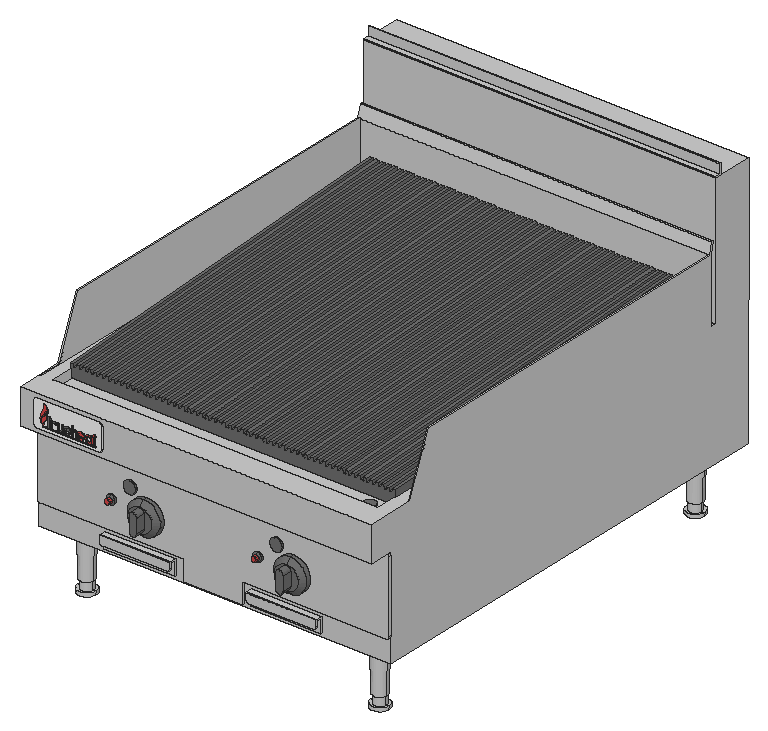
Revit family "QF_COMCATER ALL BRANDS_RCB6", category Specialty Equipment, Revit 2014
Parameters (values of type "RCB6_LPG")
  URL Cutsheet = ""
  URL = ""
  Type Comments = "The Australian owned and designed* Trueheat RC Series of Gas Cooking Equipment has been developed for the restaurant and cafe market with a high quality finish, designed to fulfill the busy demands within a commercial kitchen.\r\nOur team of professionals have designed and engineered the ultimate barbecue by incorporating premium infrared technology. Heavy duty cast iron radiant hoods over powerful gas burners radiate heat to the grates are reversible for angled or flat operation.\r\n100% Flame failure controls included as standard. Piezo ignition included as standard."
  Status [instance] = ""
  Specification by User [instance] = ""
  Specification by Manufacturer [instance] = ""
  Seismic Rating = ""
  SMACNA No = ""
  Revision Code [instance] = ""
  Nominal Gas power = 14300 W
  NAFEM Spec ID Number = ""
  Model = "RCB6"
  Mechanical Connection Type [instance] = " "
  Masterspec = ""
  Manufacturer = "TRUEHEAT"
  Length Actual = 600 mm
  Item Number [instance] = ""
  Installed By [instance] = ""
  Identify Quantity as Lot [instance] = no
  Height Actual = 455 mm
  Gas power kW = 14.3
  Gas Size Flexible = 0 mm
  Gas Size = 19.05 mm
  Gas RI Height [instance] = 0 mm
  Gas Flow = 0.0 L/s
  Gas Connection Height [instance] = 150 mm
  Furnished By [instance] = ""
  Foodservice Equipment Identifier [instance] = yes
  Description = "GAS BARBECUE TOP"
  Depth Actual = 803 mm
  CSI MasterFormat = ""
  BTUH = 14300 W
  Assembly Code = "E1090320"
  Accessory = no
Types (2, lengths in mm): name | Nominal Gas power | Gas power kW | BTUH
  RCB6_Natural Gas | 15700 W | 15.7 | 15700 W
  RCB6_LPG | 14300 W | 14.3 | 14300 W
Reference planes
  plane 1 "Center (Front/Back)": y = 0
  plane 2: z = 0
  plane 3 "Center (Left/Right)": x = 0
Forms (mm)
  Extrusion 1, solid
    sketch origin (110, 0, 150) x (1, 0, 0) y (0, 1, 0)
      loop
        line (0, 0) -> (2, 0) -> (2, 2) -> (0, 2) -> (0, 0)
    from 0 to 2
Dimensions and locks
  aligned and locked: level to plane 2
Nested families
  nested 1: "QF_COMCATER ALL BRANDS_RCB6_Natural Gas" at (0, 0, 100), type "RCB6_Natural Gas"
    with Show Logo yes, Show Clearance yes
  nested 2: "QF_COMCATER_B05002-600" at (0, 0, 0), type "B05002-600"
    with Show Logo yes, Show Clearance yes
Connectors
  piping at (111, 2, 151), diameter 19.05, driven by "Gas Size", driven by "Gas Flow"
    settings: on Extrusion 1, index 1, connector inside diameter 609.6 mm, connector length 0 mm, flow factor 0, pipe flow 0.0 L/s, pressure drop 0.0 Pa, fitting loss kfactor 0, connector angle 0.00°, fixture units 0, engagement length 0 mm, angle of deflection 0.00°, flow configuration 1, flow direction 1, fitting loss method 0, system type 22, joint type 0, gender type 0, connector reference index -1, connector utility 0, adjustable connector no, is connector primary yes, connector description "Gas connection for 'RCB6'"
Definition of nested family "QF_COMCATER ALL BRANDS_RCB6_Natural Gas"
  Parameters (values of type "RCB6_Natural Gas")
    URL = "www.comcater.com.au"
    Show Logo [instance] = yes
    Show Clearance [instance] = yes
    Model = "RCB6"
    Manufacturer = "TRUEHEAT"
    Description = "GAS BARBECUE TOP"
    Assembly Code = "E1090320"
  Reference planes
    plane 1 "Back": y = 0
    plane 2: z = 0
    plane 3 "Left": x = 0
    plane 4 "Right": x = 600
    plane 5 "Front": y = -803
    plane 6 "Top": z = 455
  Forms (mm)
    Extrusion 1, solid
      sketch origin (0, 0, 2.5) x (0, 1, 0) y (0, 0, 1)
        loop
          line (0, 435) -> (-70, 435) -> (-70, 212.5) -> (-762.176, 212.5) -> (-762.176, 227.5) -> (-803, 227.5) -> (-803, 167.5) -> (-763, 167.5) -> (-763, -2.5) -> (0, -2.5) -> (0, 435)
      from 0 to 600
    Extrusion 2, solid
      sketch origin (0, 10, 2.5) x (0, 1, 0) y (0, 0, 1)
        loop
          line (-87.071, 341.25) -> (-92.176, 322.195) -> (-92.176, 212.5) -> (-90.176, 212.5) -> (-90.176, 321.931) -> (-85, 341.25) -> (-87.071, 341.25)
      from 0 to 600
    Extrusion 3, solid
      sketch origin (0, 0, 2.5) x (0, 1, 0) y (0, 0, 1)
        loop
          line (-82.176, 322.195) -> (-682.176, 322.195) -> (-722.176, 227.5) -> (-762.176, 227.5) -> (-762.176, 212.5) -> (-82.176, 212.5) -> (-82.176, 322.195)
      from 0 to 2
    Extrusion 4, solid
      sketch origin (598, 0, 2.5) x (0, 1, 0) y (0, 0, 1)
        loop
          line (-82.176, 322.195) -> (-682.176, 322.195) -> (-722.176, 227.5) -> (-762.176, 227.5) -> (-762.176, 212.5) -> (-82.176, 212.5) -> (-82.176, 322.195)
      from 0 to 2
    Extrusion 5, solid
      sketch origin (-4.5, -348.59, 6.767) x (1, 0, 0) y (0, -0.052336, 0.99863)
        loop
          line (27, 227.5) -> (582, 227.5) -> (582, 252.5) -> (577, 252.5) -> (577, 247.5) -> (572, 247.5) -> (572, 252.5) -> (567, 252.5) -> (567, 247.5) -> (562, 247.5) -> (562, 252.5) -> (557, 252.5) -> (557, 247.5) -> (552, 247.5) -> (552, 252.5) -> (547, 252.5) -> (547, 247.5) -> (542, 247.5) -> (542, 252.5) -> (537, 252.5) -> (537, 247.5) -> (532, 247.5) -> (532, 252.5) -> (527, 252.5) -> (527, 247.5) -> (522, 247.5) -> (522, 252.5) -> (517, 252.5) -> (517, 247.5) -> (512, 247.5) -> (512, 252.5) -> (507, 252.5) -> (507, 247.5) -> (502, 247.5) -> (502, 252.5) -> (497, 252.5) -> (497, 247.5) -> (492, 247.5) -> (492, 252.5) -> (487, 252.5) -> (487, 247.5) -> (482, 247.5) -> (482, 252.5) -> (477, 252.5) -> (477, 247.5) -> (472, 247.5) -> (472, 252.5) -> (467, 252.5) -> (467, 247.5) -> (462, 247.5) -> (462, 252.5) -> (457, 252.5) -> (457, 247.5) -> (452, 247.5) -> (452, 252.5) -> (447, 252.5) -> (447, 247.5) -> (442, 247.5) -> (442, 252.5) -> (437, 252.5) -> (437, 247.5) -> (432, 247.5) -> (432, 252.5) -> (427, 252.5) -> (427, 247.5) -> (422, 247.5) -> (422, 252.5) -> (417, 252.5) -> (417, 247.5) -> (412, 247.5) -> (412, 252.5) -> (407, 252.5) -> (407, 247.5) -> (402, 247.5) -> (402, 252.5) -> (397, 252.5) -> (397, 247.5) -> (392, 247.5) -> (392, 252.5) -> (387, 252.5) -> (387, 247.5) -> (382, 247.5) -> (382, 252.5) -> (377, 252.5) -> (377, 247.5) -> (372, 247.5) -> (372, 252.5) -> (367, 252.5) -> (367, 247.5) -> (362, 247.5) -> (362, 252.5) -> (357, 252.5) -> (357, 247.5) -> (352, 247.5) -> (352, 252.5) -> (347, 252.5) -> (347, 247.5) -> (342, 247.5) -> (342, 252.5) -> (337, 252.5) -> (337, 247.5) -> (332, 247.5) -> (332, 252.5) -> (327, 252.5) -> (327, 247.5) -> (322, 247.5) -> (322, 252.5) -> (317, 252.5) -> (317, 247.5) -> (312, 247.5) -> (312, 252.5) -> (307, 252.5) -> (307, 247.5) -> (302, 247.5) -> (302, 252.5) -> (297, 252.5) -> (297, 247.5) -> (292, 247.5) -> (292, 252.5) -> (287, 252.5) -> (287, 247.5) -> (282, 247.5) -> (282, 252.5) -> (277, 252.5) -> (277, 247.5) -> (272, 247.5) -> (272, 252.5) -> (267, 252.5) -> (267, 247.5) -> (262, 247.5) -> (262, 252.5) -> (257, 252.5) -> (257, 247.5) -> (252, 247.5) -> (252, 252.5) -> (247, 252.5) -> (247, 247.5) -> (242, 247.5) -> (242, 252.5) -> (237, 252.5) -> (237, 247.5) -> (232, 247.5) -> (232, 252.5) -> (227, 252.5) -> (227, 247.5) -> (222, 247.5) -> (222, 252.5) -> (217, 252.5) -> (217, 247.5) -> (212, 247.5) -> (212, 252.5) -> (207, 252.5) -> (207, 247.5) -> (202, 247.5) -> (202, 252.5) -> (197, 252.5) -> (197, 247.5) -> (192, 247.5) -> (192, 252.5) -> (187, 252.5) -> (187, 247.5) -> (182, 247.5) -> (182, 252.5) -> (177, 252.5) -> (177, 247.5) -> (172, 247.5) -> (172, 252.5) -> (167, 252.5) -> (167, 247.5) -> (162, 247.5) -> (162, 252.5) -> (157, 252.5) -> (157, 247.5) -> (152, 247.5) -> (152, 252.5) -> (147, 252.5) -> (147, 247.5) -> (142, 247.5) -> (142, 252.5) -> (137, 252.5) -> (137, 247.5) -> (132, 247.5) -> (132, 252.5) -> (127, 252.5) -> (127, 247.5) -> (122, 247.5) -> (122, 252.5) -> (117, 252.5) -> (117, 247.5) -> (112, 247.5) -> (112, 252.5) -> (107, 252.5) -> (107, 247.5) -> (102, 247.5) -> (102, 252.5) -> (97, 252.5) -> (97, 247.5) -> (92, 247.5) -> (92, 252.5) -> (87, 252.5) -> (87, 247.5) -> (82, 247.5) -> (82, 252.5) -> (77, 252.5) -> (77, 247.5) -> (72, 247.5) -> (72, 252.5) -> (67, 252.5) -> (67, 247.5) -> (62, 247.5) -> (62, 252.5) -> (57, 252.5) -> (57, 247.5) -> (52, 247.5) -> (52, 252.5) -> (47, 252.5) -> (47, 247.5) -> (42, 247.5) -> (42, 252.5) -> (37, 252.5) -> (37, 247.5) -> (32, 247.5) -> (32, 252.5) -> (27, 252.5) -> (27, 227.5)
      from -277.619 to 362.176
    Extrusion 6, solid
      sketch origin (0, 0, 2.5) x (1, 0, 0) y (0, 1, 0)
        loop
          line (22.5, -762.176) -> (22.5, -92.176) -> (577.5, -92.176) -> (577.5, -762.176) -> (598, -762.176) -> (598, -82.176) -> (2, -82.176) -> (2, -762.176) -> (22.5, -762.176)
      from 212.5 to 227.5
    Revolve 7, solid
      sketch origin (126.662, -3, -56.377) x (0, 1, 0) y (0, 0, 1)
        loop
          line (-763, 142.627) -> (-763, 150.127) -> (-765.011, 150.127) -> (-767, 146.627) -> (-767, 142.627) -> (-763, 142.627)
        axis (-767, 142.627) -> (-763, 142.627)
      angle from 0 to 360
    Extrusion 8, solid
      sketch origin (126.662, -3, -56.377) x (1, 0, 0) y (0, 0, 1)
        loop
          circle (0, 142.627) r 4
      from 772.997 to 767
    Extrusion 9, solid
      sketch origin (-75.607, 37, 25) x (1, 0, 0) y (0, 0, 1)
        loop
          circle (234.162, 91.25) r 10.607
      from 803 to 805
    Extrusion 10, solid
      sketch origin (0, -763, 2.5) x (1, 0, 0) y (0, 0, 1)
        loop
          line (0, 162.5) -> (0, 40)
          arc (0, 40) -> (1.464, 36.464) -> (5, 35) r 5
          line (5, 35) -> (250, 35) -> (250, 0) -> (350, 0) -> (350, 35) -> (595, 35)
          arc (595, 35) -> (598.536, 36.464) -> (600, 40) r 5
          line (600, 40) -> (600, 162.5)
          arc (600, 162.5) -> (598.536, 166.036) -> (595, 167.5) r 5
          line (595, 167.5) -> (5, 167.5)
          arc (5, 167.5) -> (1.464, 166.036) -> (0, 162.5) r 5
      from 0 to 3
    Extrusion 11, solid, visible <- "Show Logo"
      sketch origin (30, -802.5, 9.763) x (1, 0, 0) y (0, 0, 1)
        loop
          line (98.5, 191.841) -> (96.5, 191.841) -> (96.5, 189.798) -> (95.026, 189.798) -> (95.026, 187.798) -> (96.5, 187.798) -> (96.5, 175.237) -> (98.5, 175.237) -> (98.5, 187.798) -> (100, 187.798) -> (100, 189.798) -> (98.5, 189.798) -> (98.5, 191.841)
        loop
          line (94, 187.798) -> (92, 187.798) -> (92, 186.56)
          arc (92, 186.56) -> (81.976, 181.518) -> (92, 176.475) r 6.28
          line (92, 176.475) -> (92, 175.237) -> (94, 175.237) -> (94, 187.798)
        loop
          arc (92, 183.592) -> (83.976, 181.518) -> (92, 179.443) r 4.28
          line (92, 179.443) -> (92, 183.592)
        loop
          line (65.446, 184.298) -> (65.446, 175.237) -> (67.446, 175.237) -> (67.446, 184.729)
          arc (67.446, 184.729) -> (64.497, 187.542) -> (60.446, 187.101) r 4.833
          line (60.446, 187.101) -> (60.446, 191.841) -> (58.446, 191.841) -> (58.446, 175.237) -> (60.446, 175.237) -> (60.446, 184.298)
          arc (60.446, 184.298) -> (62.946, 185.798) -> (65.446, 184.298) r 2.833
        loop
          arc (80.998, 181.518) -> (69.107, 184.34) -> (78.461, 176.475) r 6.28
          line (78.461, 176.475) -> (77.269, 178.081)
          arc (77.269, 178.081) -> (72.794, 177.694) -> (70.437, 181.518) r 4.28
          line (70.437, 181.518) -> (80.998, 181.518)
        loop
          arc (78.502, 183.518) -> (74.717, 185.798) -> (70.933, 183.518) r 4.28
          line (70.933, 183.518) -> (78.502, 183.518)
      from 0 to 2
    Extrusion 12, solid, visible <- "Show Logo"
      sketch origin (14.146, -802.5, 9.763) x (1, 0, 0) y (0, 0, 1)
        loop
          arc (70.804, 183.518) -> (67.02, 185.798) -> (63.236, 183.518) r 4.28
          line (63.236, 183.518) -> (70.804, 183.518)
        loop
          arc (73.3, 181.518) -> (61.409, 184.34) -> (70.764, 176.475) r 6.28
          line (70.764, 176.475) -> (69.572, 178.081)
          arc (69.572, 178.081) -> (65.096, 177.694) -> (62.74, 181.518) r 4.28
          line (62.74, 181.518) -> (73.3, 181.518)
        loop
          line (34.617, 191.841) -> (34.617, 189.798) -> (33.143, 189.798) -> (33.143, 187.798) -> (34.617, 187.798) -> (34.617, 175.237) -> (36.617, 175.237) -> (36.617, 187.798) -> (38.117, 187.798) -> (38.117, 189.798) -> (36.617, 189.798) -> (36.617, 191.841) -> (34.617, 191.841)
        loop
          arc (57.696, 178.737) -> (55.196, 177.237) -> (52.696, 178.737) r 2.833
          line (52.696, 178.737) -> (52.696, 187.798) -> (50.696, 187.798) -> (50.696, 178.307)
          arc (50.696, 178.307) -> (55.196, 175.237) -> (59.696, 178.307) r 4.833
          line (59.696, 178.307) -> (59.696, 187.798) -> (57.696, 187.798) -> (57.696, 178.737)
        loop
          line (41.117, 186.56) -> (41.117, 187.798) -> (39.117, 187.798) -> (39.117, 175.237) -> (41.117, 175.237) -> (41.117, 183.592)
          arc (41.117, 183.592) -> (44.587, 185.789) -> (48.31, 184.053) r 4.28
          line (48.31, 184.053) -> (49.735, 185.478)
          arc (49.735, 185.478) -> (45.643, 187.749) -> (41.117, 186.56) r 6.28
      from 0 to 2
    Extrusion 13, solid, visible <- "Show Logo"
      sketch origin (0, -802.5, 7.5) x (1, 0, 0) y (0, 0, 1)
        loop
          line (130, 176.5) -> (40, 176.5) -> (40, 175.5) -> (130, 175.5) -> (130, 176.5)
        loop
          arc (40, 177.5) -> (40.603, 181.061) -> (42.43, 184.177) r 10.013
          arc (42.43, 184.177) -> (44.457, 187.03) -> (45.914, 190.212) r 18.627
          arc (45.914, 190.212) -> (46.43, 193.956) -> (45.458, 197.608) r 9.58
          arc (45.458, 197.608) -> (44.352, 194.23) -> (41.979, 191.583) r 8.629
          arc (41.979, 191.583) -> (38.017, 184.959) -> (40, 177.5) r 9.924
        loop
          arc (39.054, 199.801) -> (35.351, 191.043) -> (36.701, 181.631) r 17.746
          arc (36.701, 181.631) -> (36.715, 187.191) -> (39.483, 192.014) r 10.848
          arc (39.483, 192.014) -> (42.461, 196.051) -> (44.165, 200.77) r 17.413
          arc (44.165, 200.77) -> (46.042, 199.588) -> (47.328, 197.781) r 5.718
          arc (47.328, 197.781) -> (46.772, 205.563) -> (40.995, 210.808) r 10.489
          arc (40.995, 210.808) -> (41.42, 205.059) -> (39.054, 199.801) r 11.727
      from 0 to 2
    Extrusion 14, solid, visible <- "Show Logo"
      sketch origin (0, -802, 7.5) x (1, 0, 0) y (0, 0, 1)
        loop
          line (29.373, 170.5) -> (135, 170.5)
          arc (135, 170.5) -> (138.536, 171.964) -> (140, 175.5) r 5
          line (140, 175.5) -> (140, 210.808)
          arc (140, 210.808) -> (138.536, 214.344) -> (135, 215.808) r 5
          line (135, 215.808) -> (29.373, 215.808)
          arc (29.373, 215.808) -> (25.837, 214.344) -> (24.373, 210.808) r 5
          line (24.373, 210.808) -> (24.373, 175.5)
          arc (24.373, 175.5) -> (25.837, 171.964) -> (29.373, 170.5) r 5
      from 0 to 2
    Extrusion 15, solid
      sketch origin (170, 20, 215) x (1, 0, 0) y (0, 1, 0)
        loop
          circle (377.5, -762.176) r 10
      from 0 to 2
    Extrusion 16, solid
      sketch origin (110, 10, 52.5) x (1, 0, 0) y (0, 0, 1)
        loop
          circle (0, 0) r 9.3
      from 0 to 10
    Revolve 17, solid
      sketch origin (376.662, -3, -56.377) x (0, 1, 0) y (0, 0, 1)
        loop
          line (-763, 142.627) -> (-763, 150.127) -> (-765.011, 150.127) -> (-767, 146.627) -> (-767, 142.627) -> (-763, 142.627)
        axis (-767, 142.627) -> (-763, 142.627)
      angle from 0 to 360
    Extrusion 18, solid
      sketch origin (376.662, -3, -56.377) x (1, 0, 0) y (0, 0, 1)
        loop
          circle (0, 142.627) r 4
      from 772.997 to 767
    Extrusion 19, solid
      sketch origin (174.393, 37, 25) x (1, 0, 0) y (0, 0, 1)
        loop
          circle (234.162, 91.25) r 10.607
      from 803 to 805
    Extrusion 20, solid
      sketch origin (342.5, -776, 2.5) x (1, 0, 0) y (0, 0, 1)
        loop
          arc (22.5, 20) -> (23.964, 16.464) -> (27.5, 15) r 5
          line (27.5, 15) -> (137.5, 15)
          arc (137.5, 15) -> (141.036, 16.464) -> (142.5, 20) r 5
          line (142.5, 20) -> (142.5, 30) -> (22.5, 30) -> (22.5, 20)
      from 0 to 2
    Revolve 21, solid
      sketch origin (442.5, 13, -489.263) x (0, 1, 0) y (0, 0, -1)
        loop
          line (-786.003, -575.513) -> (-786.003, -547.176) -> (-793.012, -547.176) -> (-801, -555.163) -> (-801, -575.513) -> (-786.003, -575.513)
        axis (-786.003, -575.513) -> (-801, -575.513)
      angle from 0 to 360
    Extrusion 22, solid
      sketch origin (815.181, -775, -1413.928) x (0.707107, 0, -0.707107) y (-0.707107, 0, -0.707107)
        loop
          line (-1328.297, -810.227) -> (-1311.344, -793.275)
          arc (-1311.344, -793.275) -> (-1311.344, -784.294) -> (-1320.325, -784.294) r 6.35
          line (-1320.325, -784.294) -> (-1337.277, -801.247)
          arc (-1337.277, -801.247) -> (-1337.277, -810.227) -> (-1328.297, -810.227) r 6.35
      from -13 to -28
    Extrusion 23, solid
      sketch origin (334.162, 0, -680) x (1, 0, 0) y (0, 0, 1)
        loop
          circle (108.338, 766.25) r 8
      from 766 to 773.003
    Extrusion 24, solid
      sketch origin (507.5, 0, 2.5) x (0, 1, 0) y (0, 0, -1)
        loop
          line (-776, -30) -> (-766, -30) -> (-766, -4.971) -> (-768.029, -4.971) -> (-768.029, -27.971) -> (-776, -27.971) -> (-776, -30)
      from 22.5 to 142.5
    Extrusion 25, solid, visible <- "Show Clearance", detail levels coarse
      sketch origin (250, 0, 2.5) x (0, 1, 0) y (0, 0, 1)
        loop
          line (-768.029, 4.971) -> (-768.029, 30) -> (-1196, 30) -> (-1196, 4.971) -> (-768.029, 4.971)
      from 115 to 235
    Extrusion 26, solid
      sketch origin (92.5, -776, 2.5) x (1, 0, 0) y (0, 0, 1)
        loop
          arc (22.5, 20) -> (23.964, 16.464) -> (27.5, 15) r 5
          line (27.5, 15) -> (137.5, 15)
          arc (137.5, 15) -> (141.036, 16.464) -> (142.5, 20) r 5
          line (142.5, 20) -> (142.5, 30) -> (22.5, 30) -> (22.5, 20)
      from 0 to 2
    Revolve 27, solid
      sketch origin (192.5, 13, -489.263) x (0, 1, 0) y (0, 0, -1)
        loop
          line (-786.003, -575.513) -> (-786.003, -547.176) -> (-793.012, -547.176) -> (-801, -555.163) -> (-801, -575.513) -> (-786.003, -575.513)
        axis (-786.003, -575.513) -> (-801, -575.513)
      angle from 0 to 360
    Extrusion 28, solid
      sketch origin (565.181, -775, -1413.928) x (0.707107, 0, -0.707107) y (-0.707107, 0, -0.707107)
        loop
          line (-1328.297, -810.227) -> (-1311.344, -793.275)
          arc (-1311.344, -793.275) -> (-1311.344, -784.294) -> (-1320.325, -784.294) r 6.35
          line (-1320.325, -784.294) -> (-1337.277, -801.247)
          arc (-1337.277, -801.247) -> (-1337.277, -810.227) -> (-1328.297, -810.227) r 6.35
      from -13 to -28
    Extrusion 29, solid
      sketch origin (84.162, 0, -680) x (1, 0, 0) y (0, 0, 1)
        loop
          circle (108.338, 766.25) r 8
      from 766 to 773.003
    Extrusion 30, solid
      sketch origin (257.5, 0, 2.5) x (0, 1, 0) y (0, 0, -1)
        loop
          line (-776, -30) -> (-766, -30) -> (-766, -4.971) -> (-768.029, -4.971) -> (-768.029, -27.971) -> (-776, -27.971) -> (-776, -30)
      from 22.5 to 142.5
    Extrusion 31, solid, visible <- "Show Clearance", detail levels coarse
      sketch origin (0, 0, 2.5) x (0, 1, 0) y (0, 0, 1)
        loop
          line (-768.029, 4.971) -> (-768.029, 30) -> (-1196, 30) -> (-1196, 4.971) -> (-768.029, 4.971)
      from 115 to 235
    Extrusion 32, solid
      sketch origin (0, -23, 2.5) x (0, 1, 0) y (0, 0, 1)
        loop
          line (-47, 435) -> (-35, 435) -> (-35, 452.5) -> (-37, 452.5) -> (-37, 437) -> (-47, 437) -> (-47, 435)
      from 0 to 600
    Extrusion 33, solid, visible <- "Show Clearance", detail levels coarse
      sketch origin (0, 27, 2.5) x (1, 0, 0) y (0, 1, 0)
        loop
          line (850, 123) -> (-250, 123) -> (-250, -830) -> (0, -830) -> (0, -27) -> (600, -27) -> (600, -830) -> (850, -830) -> (850, 123)
      from -2.5 to 452.5
  Cuts and joins
    joined: Extrusion 1, Extrusion 2, Extrusion 4, Extrusion 6
  Lines and regions (mm)
    symbolic lines, style "200-EquipBorder-2D"
      curve 1: line (0, 0, 0) -> (600, 0, 0)
      curve 2: line (600, 0, 0) -> (600, -803, 0)
      curve 3: line (600, -803, 0) -> (0, -803, 0)
      curve 4: line (0, -803, 0) -> (0, 0, 0)
      curve 36: line (100.7, 10, 0) -> (119.3, 10, 0)
      curve 37: line (119.3, 10, 0) -> (119.3, 0, 0)
      curve 38: line (100.7, 10, 0) -> (100.7, 0, 0)
      curve 66: line (0, -70, 0) -> (600, -70, 0)
    symbolic lines, style "200-EquipInternal-2D"
      curve 5: line (598, -722.176, 0) -> (600, -722.176, 0)
      curve 6: line (598, -722.176, 0) -> (598, -82.176, 0)
      curve 7: line (2, -82.176, 0) -> (2, -722.176, 0)
      curve 8: line (2, -722.176, 0) -> (0, -722.176, 0)
      curve 9: line (22.5, -762.176, 0) -> (577.5, -762.176, 0)
      curve 10: line (577.5, -762.176, 0) -> (577.5, -83.258, 0)
      curve 11: line (22.5, -83.258, 0) -> (22.5, -762.176, 0)
      curve 12: line (37.5, -723.485, 0) -> (37.5, -83.258, 0)
      curve 13: line (52.5, -83.258, 0) -> (52.5, -723.485, 0)
      curve 14: line (67.5, -723.485, 0) -> (67.5, -83.258, 0)
      curve 15: line (82.5, -83.258, 0) -> (82.5, -723.485, 0)
      curve 16: line (97.5, -723.485, 0) -> (97.5, -83.258, 0)
      curve 17: line (112.5, -83.258, 0) -> (112.5, -723.485, 0)
      curve 18: line (127.5, -723.485, 0) -> (127.5, -83.258, 0)
      curve 19: line (142.5, -83.258, 0) -> (142.5, -723.485, 0)
      curve 20: line (157.5, -723.485, 0) -> (157.5, -83.258, 0)
      curve 21: line (172.5, -83.258, 0) -> (172.5, -723.485, 0)
      curve 22: line (187.5, -723.485, 0) -> (187.5, -83.258, 0)
      curve 23: line (202.5, -83.258, 0) -> (202.5, -723.485, 0)
      curve 24: line (217.5, -723.485, 0) -> (217.5, -83.258, 0)
      curve 25: line (232.5, -83.258, 0) -> (232.5, -723.485, 0)
      curve 26: line (247.5, -723.485, 0) -> (247.5, -83.258, 0)
      curve 27: line (262.5, -83.258, 0) -> (262.5, -723.485, 0)
      curve 28: line (277.5, -723.485, 0) -> (277.5, -83.258, 0)
      curve 29: line (367.5, -723.485, 0) -> (367.5, -83.258, 0)
      curve 30: line (352.5, -83.258, 0) -> (352.5, -723.485, 0)
      curve 31: line (337.5, -723.485, 0) -> (337.5, -83.258, 0)
      curve 32: line (322.5, -83.258, 0) -> (322.5, -723.485, 0)
      curve 33: line (307.5, -723.485, 0) -> (307.5, -83.258, 0)
      curve 34: line (292.5, -83.258, 0) -> (292.5, -723.485, 0)
      curve 35: circle (547.5, -742.176, 0) r 10 normal (0, 0, 1)
      curve 39: line (382.5, -83.258, 0) -> (382.5, -723.485, 0)
      curve 40: line (397.5, -723.485, 0) -> (397.5, -83.258, 0)
      curve 41: line (412.5, -83.258, 0) -> (412.5, -723.485, 0)
      curve 42: line (427.5, -723.485, 0) -> (427.5, -83.258, 0)
      curve 43: line (442.5, -83.258, 0) -> (442.5, -723.485, 0)
      curve 44: line (457.5, -723.485, 0) -> (457.5, -83.258, 0)
      curve 45: line (472.5, -83.258, 0) -> (472.5, -723.485, 0)
      curve 46: line (562.5, -83.258, 0) -> (562.5, -723.485, 0)
      curve 47: line (547.5, -723.485, 0) -> (547.5, -83.258, 0)
      curve 48: line (532.5, -83.258, 0) -> (532.5, -723.485, 0)
      curve 49: line (517.5, -723.485, 0) -> (517.5, -83.258, 0)
      curve 50: line (502.5, -83.258, 0) -> (502.5, -723.485, 0)
      curve 51: line (487.5, -723.485, 0) -> (487.5, -83.258, 0)
      curve 61: line (22.5, -723.485, 0) -> (577.5, -723.485, 0)
      curve 62: line (577.5, -83.258, 0) -> (22.5, -83.258, 0)
      curve 63: line (2, -82.176, 0) -> (598, -82.176, 0)
      curve 64: line (600, -58, 0) -> (0, -58, 0)
      curve 65: line (0, -60, 0) -> (600, -60, 0)
    symbolic lines, style "QF_Door-Drawer Clearances", visible <- "Show Clearance"
      curve 52: line (115, -803, 0) -> (115, -1196, 0)
      curve 53: line (115, -1196, 0) -> (235, -1196, 0)
      curve 54: line (235, -1196, 0) -> (235, -803, 0)
      curve 55: line (365, -803, 0) -> (365, -1196, 0)
      curve 56: line (365, -1196, 0) -> (485, -1196, 0)
      curve 57: line (485, -1196, 0) -> (485, -803, 0)
    symbolic lines, style "QF_Clearances", visible <- "Show Clearance"
      curve 58: line (-250, -803, 0) -> (-250, 150, 0)
      curve 59: line (-250, 150, 0) -> (850, 150, 0)
      curve 60: line (850, 150, 0) -> (850, -803, 0)
  Dimensions and locks
    plane 1 "Back" to plane 5 "Front" = 803 mm
    plane 6 "Top" to level = 455 mm  (x2)
    plane 3 "Left" to plane 4 "Right" = 600 mm
    plane 5 "Front" to plane 1 "Back" = 803 mm
    plane 4 "Right" to plane 3 "Left" = 600 mm
    aligned and locked: level to plane 2
  Connectors
    piping at (110, 10, 52.5), diameter 19
      settings: on Extrusion 16, index 1, connector inside diameter 609.6 mm, connector length 0 mm, flow factor 0, pipe flow 0.0 L/s, pressure drop 0.0 Pa, fitting loss kfactor 0, connector angle 0.00°, fixture units 0, engagement length 0 mm, angle of deflection 0.00°, flow configuration 1, flow direction 1, fitting loss method 0, system type 22, joint type 0, gender type 0, connector reference index -1, connector utility 0, adjustable connector no, is connector primary yes, connector description "Gas Inlet"
Definition of nested family "QF_COMCATER_B05002-600"
  Parameters (values of type "B05002-600")
    URL = ""
    Type Comments = ""
    Show Logo [instance] = yes
    Show Clearance [instance] = yes
    Model = "B05002"
    Manufacturer = "TRUEHEAT"
    Length Actual = 600 mm
    Height Actual = 100 mm
    Description = "ADJUSTABLE LEG FOR RCT COUNTERTOP MOUNTING 600MM"
    Depth Actual = 803 mm
    Assembly Code = "E1090320"
    Accessory = yes
  Reference planes
    plane 1 "Back": y = 0
    plane 2: z = 0
    plane 3 "Left": x = 0
    plane 4 "Right": x = 600
    plane 5 "Front": y = -803
    plane 6 "Top": z = 100
  Forms (mm)
    Revolve 1, solid
      sketch origin (0, -50, 0) x (1, 0, 0) y (0, 0, 1)
        loop
          line (50, 0) -> (65.5, 0) -> (65.5, 5) -> (60, 5) -> (60, 20) -> (62, 20) -> (63.5, 95) -> (65.5, 95) -> (65.5, 100) -> (50, 100) -> (50, 0)
        axis (50, 0) -> (50, 100)
      angle from 0 to 360
    Revolve 2, solid
      sketch origin (0, -723, 0) x (1, 0, 0) y (0, 0, -1)
        loop
          line (50, 0) -> (50, -100) -> (65.5, -100) -> (65.5, -95) -> (63.5, -95) -> (62, -20) -> (60, -20) -> (60, -5) -> (65.5, -5) -> (65.5, 0) -> (50, 0)
        axis (50, 0) -> (50, -100)
      angle from 0 to 360
    Revolve 3, solid
      sketch origin (600, -50, 0) x (-1, 0, 0) y (0, 0, -1)
        loop
          line (50, 0) -> (50, -100) -> (65.5, -100) -> (65.5, -95) -> (63.5, -95) -> (62, -20) -> (60, -20) -> (60, -5) -> (65.5, -5) -> (65.5, 0) -> (50, 0)
        axis (50, 0) -> (50, -100)
      angle from 0 to 360
    Revolve 4, solid
      sketch origin (600, -723, 0) x (-1, 0, 0) y (0, 0, 1)
        loop
          line (50, 0) -> (65.5, 0) -> (65.5, 5) -> (60, 5) -> (60, 20) -> (62, 20) -> (63.5, 95) -> (65.5, 95) -> (65.5, 100) -> (50, 100) -> (50, 0)
        axis (50, 0) -> (50, 100)
      angle from 0 to 360
  Dimensions and locks
    plane 5 "Front" to plane 1 "Back" = 803 mm
    plane 6 "Top" to level = 100 mm
    plane 3 "Left" to plane 4 "Right" = 600 mm
    aligned and locked: level to plane 2
